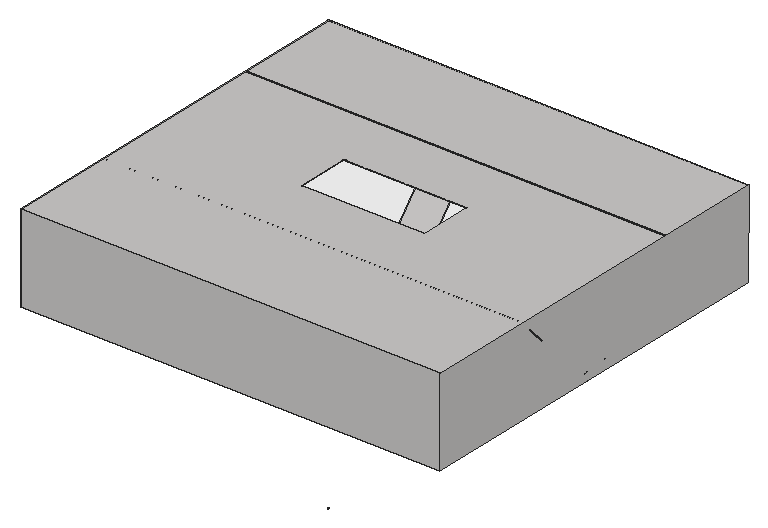
Revit family "QF_ELECTROLUXPROFESSIONAL_642044_EC2224T", category Specialty Equipment, Revit 2014
Reference planes
  plane 1: z = 0
  plane 2 "Center (Left/Right)": x = 150
  plane 3 "LEFT": x = -1050
  plane 4 "RIGHT": x = 1350
  plane 5 "BACK": y = 550
  plane 6 "TOP": z = 2500
  plane 7 "Base": z = 2000
  plane 8: z = 1946
  plane 9: x = -1047
  plane 10 "DrainX": x = 1199
  plane 11 "AOLeft2": x = 500
  plane 12: x = 1347
  plane 13: x = -850
  plane 14: x = 1150
  plane 15: x = 50
  plane 16: x = 250
  plane 17 "AOLeft1": x = -200
  plane 18: y = -400
  plane 19: through (0, -127.846, 2402.468) normal (0, -0.753, 0.6581)
  plane 20: through (0, -972.152, 2402.468) normal (0, -0.753, -0.6581)
  plane 21: y = -700
  plane 22 "Center (Front/Back)": y = -550
  plane 23: y = -1650
Forms (mm)
  Extrusion 1, solid, material "QF_Finishes_Stainless Steel"
    sketch origin (-1050, 0, 360) x (0, 1, 0) y (0, 0, 1)
      loop
        line (550, 1640) -> (550, 2140) -> (-1650, 2140) -> (-1650, 1640) -> (550, 1640)
    from 0 to 3
  Extrusion 2, solid, material "QF_Finishes_Stainless Steel"
    sketch origin (1350, 0, 360) x (0, 1, 0) y (0, 0, 1)
      loop
        line (550, 1640) -> (550, 2140) -> (-1650, 2140) -> (-1650, 1640) -> (550, 1640)
    from 0 to -3
  Extrusion 3, solid, material "QF_Finishes_Stainless Steel"
    sketch origin (150, 0, 360) x (0, 1, 0) y (0, 0, 1)
      loop
        line (-1650, 2140) -> (-1650, 1640) -> (-1640, 1640) -> (-1640, 1640.8) -> (-1649.2, 1640.8) -> (-1649.2, 2139.19) -> (549.2, 2139.19) -> (549.2, 1640.8) -> (540, 1640.8) -> (540, 1640) -> (550, 1640) -> (550, 2140) -> (-1650, 2140)
    from -1200 to 1200
  Extrusion 4, void
    sketch origin (0, 0, 2500) x (0, 1, 0) y (-1, 0, 0)
      loop
        line (-400, -500) -> (-400, 200) -> (-700, 200) -> (-700, -500) -> (-400, -500)
    from 0 to -10
  Extrusion 5, solid, material "QF_Finishes_Stainless Steel"
    sketch origin (0, 0, 0) x (1, 0, 0) y (0, 1, 0)
      loop
        line (-1050, 550) -> (-1050, 549) -> (-1049, 549) -> (-1049, 550) -> (-1050, 550)
    from 0 to 1
  Extrusion 6, solid, material "QF_Finishes_Stainless Steel"
    sketch origin (150, -400, 360) x (0, 1, 0) y (0, 0, 1)
      loop
        line (-79.471, 1685.734) -> (-56.882, 1665.992) -> (272.154, 2042.468) -> (249.566, 2062.21) -> (-79.471, 1685.734)
      loop
        line (-572.152, 2042.468) -> (-243.115, 1665.992) -> (-220.526, 1685.734) -> (-549.563, 2062.21) -> (-572.152, 2042.468)
    from -1000 to -1197
  Extrusion 7, solid, material "QF_Finishes_Stainless Steel"
    sketch origin (150, -400, 360) x (0, 1, 0) y (0, 0, 1)
      loop
        line (360.354, 2141.454) -> (357.903, 2143.511) -> (264.331, 2031.996) -> (266.169, 2030.453) -> (357.41, 2139.19) -> (358.454, 2139.19) -> (360.354, 2141.454)
      loop
        line (-560.354, 2022.279) -> (-557.903, 2024.336) -> (-564.331, 2031.996) -> (-566.169, 2030.453) -> (-657.41, 2139.19) -> (-658.454, 2139.19) -> (-560.354, 2022.279)
      loop
        arc (-83.944, 1704.554) -> (-84.545, 1704.706) -> (-85.077, 1704.389) r 0.81
        line (-85.077, 1704.389) -> (-99.535, 1684.991) -> (-116.611, 1687.002) -> (-113.609, 1712.615) -> (-114.407, 1712.708) -> (-117.406, 1687.095)
        arc (-117.406, 1687.095) -> (-117.237, 1686.499) -> (-116.695, 1686.197) r 0.81
        line (-116.695, 1686.197) -> (-99.628, 1684.196)
        arc (-99.628, 1684.196) -> (-99.213, 1684.257) -> (-98.884, 1684.517) r 0.81
        line (-98.884, 1684.517) -> (-84.436, 1703.911) -> (-73.692, 1695.919) -> (-99.855, 1660.79) -> (-200.145, 1660.79) -> (-226.308, 1695.919) -> (-215.564, 1703.911) -> (-201.116, 1684.517)
        arc (-201.116, 1684.517) -> (-200.787, 1684.257) -> (-200.372, 1684.196) r 0.81
        line (-200.372, 1684.196) -> (-183.305, 1686.197)
        arc (-183.305, 1686.197) -> (-182.763, 1686.499) -> (-182.594, 1687.095) r 0.81
        line (-182.594, 1687.095) -> (-185.593, 1712.708) -> (-186.391, 1712.615) -> (-183.389, 1687.002) -> (-200.465, 1684.991) -> (-214.923, 1704.389)
        arc (-214.923, 1704.389) -> (-215.455, 1704.706) -> (-216.056, 1704.554) r 0.81
        line (-216.056, 1704.554) -> (-226.786, 1696.561)
        arc (-226.786, 1696.561) -> (-227.103, 1696.028) -> (-226.951, 1695.427) r 0.81
        line (-226.951, 1695.427) -> (-200.843, 1660.381)
        arc (-200.843, 1660.381) -> (-200.5, 1660.093) -> (-200.063, 1659.99) r 0.972
        line (-200.063, 1659.99) -> (-99.951, 1659.99)
        arc (-99.951, 1659.99) -> (-99.502, 1660.096) -> (-99.149, 1660.393) r 1
        line (-99.149, 1660.393) -> (-73.049, 1695.427)
        arc (-73.049, 1695.427) -> (-72.897, 1696.028) -> (-73.214, 1696.561) r 0.81
        line (-73.214, 1696.561) -> (-83.944, 1704.554)
    from -1197 to 1197
  Extrusion 8, solid, material "QF_Finishes_Stainless Steel"
    sketch origin (150, -400, 360) x (0, 1, 0) y (0, 0, 1)
      loop
        line (272.154, 2042.468) -> (249.566, 2062.21) -> (-79.471, 1685.734) -> (-56.882, 1665.992) -> (272.154, 2042.468)
      loop
        line (-572.154, 2042.468) -> (-243.118, 1665.992) -> (-220.529, 1685.734) -> (-549.566, 2062.21) -> (-572.154, 2042.468)
    from 1197 to 1000
  Extrusion 9, solid, material "QF_Finishes_Stainless Steel"
    sketch origin (150, -400, 360) x (0, 1, 0) y (0, 0, 1)
      loop
        line (272.154, 2042.468) -> (249.566, 2062.21) -> (-79.471, 1685.734) -> (-56.882, 1665.992) -> (272.154, 2042.468)
      loop
        line (-572.154, 2042.468) -> (-243.118, 1665.992) -> (-220.529, 1685.734) -> (-549.566, 2062.21) -> (-572.154, 2042.468)
    from -100 to 100
  Extrusion 10, solid, material "QF_Finished_Chrome"
    sketch origin (150, -400, 360) x (0, 1, 0) y (0, 0, 1)
      loop
        line (249.566, 2062.21) -> (-79.471, 1685.734) -> (-56.882, 1665.992) -> (272.154, 2042.468) -> (249.566, 2062.21)
      loop
        line (-549.566, 2062.21) -> (-572.154, 2042.468) -> (-243.118, 1665.992) -> (-220.529, 1685.734) -> (-549.566, 2062.21)
    from -1000 to -100
  Extrusion 11, solid, material "QF_Finished_Chrome"
    sketch origin (150, -400, 360) x (0, 1, 0) y (0, 0, 1)
      loop
        line (272.154, 2042.468) -> (249.566, 2062.21) -> (-79.471, 1685.734) -> (-56.882, 1665.992) -> (272.154, 2042.468)
      loop
        line (-572.154, 2042.468) -> (-243.118, 1665.992) -> (-220.529, 1685.734) -> (-549.566, 2062.21) -> (-572.154, 2042.468)
    from 100 to 1000
  Sweep 12, solid, material "QF_Finishes_Stainless Steel"
    path origin (0, 0, 0) x (1, 0, 0) y (0, 1, 0)
      loop
        line (1350, 550) -> (-1050, 550) -> (-1050, -1650) -> (1350, -1650) -> (1350, 550)
    profile origin (1350, -550, 0) x (1, 0, 0) y (0, 0, 1)
      loop
        line (-3, 2000) -> (-3, 2000.8) -> (-19, 2000.8) -> (-19, 2010) -> (-20, 2010) -> (-20, 2000) -> (-3, 2000)
  Extrusion 13, solid, material "QF_Finishes_Stainless Steel"
    sketch origin (1199, 0, 0) x (0, 1, 0) y (0, 0, 1)
      loop
        arc (-518.5, 1946) -> (-511.429, 1948.929) -> (-508.5, 1956) r 10
        line (-508.5, 1956) -> (-508.5, 2000.8) -> (-591.5, 2000.8) -> (-591.5, 1956)
        arc (-591.5, 1956) -> (-588.571, 1948.929) -> (-581.5, 1946) r 10
        line (-581.5, 1946) -> (-518.5, 1946)
    from -90 to 90
  Extrusion 14, solid, material "QF_Finishes_Stainless Steel"
    sketch origin (0, -1100, 2000) x (0, 1, 0) y (-1, 0, 0)
      loop
        circle (550, -1199) r 6.35
    from -3.799 to 0
Cuts and joins
  Extrusion 4 cuts Extrusion 3
  joined: Extrusion 2, Extrusion 3, Sweep 12
Lines and regions (mm)
  symbolic lines, style "SpecialityEquipment", detail levels coarse
    curve 1: line (1350, 550, 2500) -> (-1050, 550, 2500)
    curve 2: line (-1050, 550, 2500) -> (-1050, -1640, 2500)
    curve 3: line (1350, -1650, 2500) -> (1350, 550, 2500)
    curve 4: line (-1050, 550, 0) -> (1350, -1650, 0)
    curve 5: line (1350, 550, 0) -> (-1047, -1650, 0)
  symbolic lines, detail levels coarse
    curve 6: line (-1047, -1650, 0) -> (1350, -1650, 0)
    curve 7: line (-200, -700, 0) -> (500, -700, 0)
    curve 8: line (-200, -400, 0) -> (-200, -700, 0)
    curve 9: line (500, -400, 0) -> (-200, -400, 0)
    curve 10: line (500, -700, 0) -> (500, -400, 0)
Dimensions and locks
  plane 3 "LEFT" to plane 4 "RIGHT" = 2400 mm
  equal spacing: plane 3 "LEFT", plane 2 "Center (Left/Right)", plane 4 "RIGHT"
  plane 3 "LEFT" to plane 9 = 3 mm
  plane 10 "DrainX" to plane 4 "RIGHT" = 151 mm
  plane 12 to plane 4 "RIGHT" = 3 mm
  plane 3 "LEFT" to plane 13 = 200 mm
  plane 14 to plane 4 "RIGHT" = 200 mm
  locked: plane 7 "Base" to level at 2000
  locked: plane 15 to plane 16 at 200
  equal spacing: plane 15, plane 2 "Center (Left/Right)", plane 16
  locked: plane 17 "AOLeft1" to plane 11 "AOLeft2" at 700
  plane 7 "Base" to plane 8 = 54 mm
  locked: plane 6 "TOP" to plane 7 "Base" at 500
  plane 5 "BACK" to plane 23 = 2200 mm  (x2)
  equal spacing: plane 5 "BACK", plane 22 "Center (Front/Back)", plane 23
  plane 21 to plane 18 = 300 mm
  equal spacing: plane 21, plane 22 "Center (Front/Back)", plane 18
  equal spacing: plane 17 "AOLeft1", plane 2 "Center (Left/Right)", plane 11 "AOLeft2"
  aligned and locked: level to plane 1
  aligned and locked: plane 4 "RIGHT" to Extrusion 3
  aligned and locked: Extrusion 3 to plane 3 "LEFT"
  aligned and locked: Extrusion 6 to plane 9
  aligned and locked: plane 13 to Extrusion 6
  aligned and locked: Extrusion 2 to plane 12
  aligned and locked: plane 12 to Extrusion 8
  aligned and locked: plane 14 to Extrusion 8
  aligned and locked: plane 16 to Extrusion 9
  aligned and locked: Extrusion 9 to plane 15
  aligned and locked: plane 15 to Extrusion 10
  aligned and locked: Extrusion 10 to plane 13
  aligned and locked: Extrusion 11 to plane 16
  aligned and locked: Extrusion 11 to plane 14
  aligned and locked: Extrusion 7 to plane 9
  aligned and locked: Extrusion 7 to plane 12
  aligned and locked: Extrusion 4 to plane 17 "AOLeft1"
  aligned and locked: Extrusion 4 to plane 11 "AOLeft2"
  aligned and locked: plane 21 to Extrusion 4
  aligned and locked: plane 18 to Extrusion 4
  aligned and locked: curve 7 to Extrusion 4
  aligned and locked: curve 8 to Extrusion 4
  aligned and locked: curve 9 to Extrusion 4
  aligned and locked: curve 10 to Extrusion 4
Automatic sketch dimensions
  Extrusion 1 sketch curve to plane 7 "Base" = 0 mm
  Extrusion 1 sketch curve to plane 5 "BACK" = 0 mm
  Extrusion 1 sketch curve to plane 6 "TOP" = 0 mm
  Extrusion 2 sketch curve to plane 7 "Base" = 0 mm
  Extrusion 2 sketch curve to plane 5 "BACK" = 0 mm
  Extrusion 2 sketch curve to plane 6 "TOP" = 0 mm
  Extrusion 3 sketch curve to plane 6 "TOP" = 0 mm
  Extrusion 3 sketch curve to plane 7 "Base" = 0 mm  (x2)
  Extrusion 3 sketch curve to plane 5 "BACK" = 0 mm
  Extrusion 3 sketch curve to Extrusion 3 sketch curve = 9.2 mm
  plane 7 "Base" to Extrusion 3 sketch curve = 0.8 mm  (x2)
  Extrusion 3 sketch curve to plane 5 "BACK" = 10 mm
  Extrusion 3 sketch curve to plane 5 "BACK" = 0.8 mm
  Extrusion 3 sketch curve to plane 6 "TOP" = 0.81 mm
  Extrusion 4 sketch curve to plane 11 "AOLeft2" = 0 mm
  Extrusion 4 sketch curve to plane 17 "AOLeft1" = 0 mm
  Extrusion 5 sketch curve to plane 3 "LEFT" = 0 mm
  Extrusion 5 sketch curve to plane 5 "BACK" = 0 mm
  plane 3 "LEFT" to Extrusion 5 sketch curve = 1 mm
  Extrusion 5 sketch curve to Extrusion 5 sketch curve = 1 mm
  Sweep 12 sketch curve to plane 3 "LEFT" = 0 mm
  Sweep 12 sketch curve to plane 4 "RIGHT" = 0 mm
  Sweep 12 sketch curve to plane 5 "BACK" = 0 mm
  profile plane to Sweep 12 sketch curve = 20 mm
  Sweep 12 sketch curve to Sweep 12 sketch curve = 1 mm
  profile plane to Sweep 12 sketch curve = 3 mm
  level to Sweep 12 sketch curve = 2000 mm
  Sweep 12 sketch curve to Sweep 12 sketch curve = 0.8 mm
  Sweep 12 sketch curve to Sweep 12 sketch curve = 9.2 mm
  Extrusion 3 sketch curve to Extrusion 3 sketch curve = 0.8 mm
  Extrusion 6 sketch curve to plane 19 = 0 mm  (x2)
  Extrusion 6 sketch curve to plane 6 "TOP" = 77.79 mm  (x2)
  plane 7 "Base" to Extrusion 6 sketch curve = 25.992 mm  (x2)
  plane 7 "Base" to Extrusion 6 sketch curve = 45.734 mm
  Extrusion 6 sketch curve to plane 20 = 0 mm
  plane 20 to Extrusion 6 sketch curve = 0 mm
  Extrusion 10 sketch curve to plane 19 = 0 mm  (x2)
  Extrusion 10 sketch curve to plane 6 "TOP" = 77.79 mm  (x2)
  Extrusion 10 sketch curve to Extrusion 10 sketch curve = 22.589 mm
  plane 7 "Base" to Extrusion 10 sketch curve = 25.992 mm  (x2)
  Extrusion 9 sketch curve to plane 19 = 0 mm  (x2)
  Extrusion 9 sketch curve to plane 6 "TOP" = 77.79 mm  (x2)
  Extrusion 9 sketch curve to Extrusion 9 sketch curve = 22.589 mm
  plane 7 "Base" to Extrusion 9 sketch curve = 25.992 mm  (x2)
  Extrusion 11 sketch curve to plane 19 = 0 mm  (x2)
  Extrusion 11 sketch curve to plane 6 "TOP" = 77.79 mm  (x2)
  Extrusion 11 sketch curve to Extrusion 11 sketch curve = 22.589 mm
  plane 7 "Base" to Extrusion 11 sketch curve = 25.992 mm  (x2)
  Extrusion 8 sketch curve to plane 19 = 0 mm  (x2)
  Extrusion 8 sketch curve to plane 6 "TOP" = 77.79 mm  (x2)
  Extrusion 8 sketch curve to Extrusion 8 sketch curve = 22.589 mm
  plane 7 "Base" to Extrusion 8 sketch curve = 25.992 mm  (x2)
  plane 7 "Base" to Extrusion 8 sketch curve = 45.734 mm
  plane 7 "Base" to Extrusion 9 sketch curve = 45.734 mm
  plane 7 "Base" to Extrusion 10 sketch curve = 45.734 mm
  plane 7 "Base" to Extrusion 11 sketch curve = 45.734 mm
  plane 21 to Extrusion 1 sketch curve = 950 mm
  plane 21 to Extrusion 2 sketch curve = 950 mm
  plane 21 to Extrusion 3 sketch curve = 940 mm
  plane 21 to Sweep 12 sketch curve = 950 mm
  plane 21 to Extrusion 4 sketch curve = 0 mm
  Extrusion 4 sketch curve to plane 18 = 0 mm
  plane 21 to Extrusion 6 sketch curve = 249.563 mm
  Extrusion 8 sketch curve to plane 21 = 79.471 mm
  plane 21 to Extrusion 8 sketch curve = 249.566 mm
  Extrusion 9 sketch curve to plane 21 = 79.471 mm
  plane 21 to Extrusion 9 sketch curve = 249.566 mm
  Extrusion 10 sketch curve to plane 21 = 79.471 mm
  plane 21 to Extrusion 10 sketch curve = 249.566 mm
  Extrusion 11 sketch curve to plane 21 = 79.471 mm
  plane 21 to Extrusion 11 sketch curve = 249.566 mm
  Extrusion 14 sketch curve to plane 10 "DrainX" = 0 mm
  Extrusion 14 sketch curve to plane 22 "Center (Front/Back)" = 0 mm
  Extrusion 13 sketch curve to plane 8 = 0 mm
  plane 8 to Extrusion 13 sketch curve = 10 mm
  Extrusion 13 sketch curve to plane 22 "Center (Front/Back)" = 41.5 mm
  plane 22 "Center (Front/Back)" to Extrusion 13 sketch curve = 31.5 mm
  plane 7 "Base" to Extrusion 13 sketch curve = 0.8 mm
  plane 22 "Center (Front/Back)" to Extrusion 13 sketch curve = 41.5 mm
  Extrusion 7 sketch curve to plane 6 "TOP" = 0.81 mm  (x2)
  plane 21 to Extrusion 7 sketch curve = 358.454 mm
  Extrusion 7 sketch curve to Extrusion 7 sketch curve = 1.044 mm  (x2)
  Extrusion 7 sketch curve to plane 6 "TOP" = 109.547 mm  (x2)
  Extrusion 7 sketch curve to Extrusion 7 sketch curve = 91.241 mm
  Extrusion 7 sketch curve to plane 6 "TOP" = 108.004 mm  (x2)
  Extrusion 7 sketch curve to plane 6 "TOP" = 117.721 mm
  Extrusion 7 sketch curve to plane 21 = 73.049 mm
  Extrusion 7 sketch curve to Extrusion 7 sketch curve = 0.166 mm
  Extrusion 7 sketch curve to Extrusion 7 sketch curve = 0.478 mm  (x4)
  Extrusion 7 sketch curve to Extrusion 7 sketch curve = 0.006 mm  (x4)
  Extrusion 7 sketch curve to Extrusion 7 sketch curve = 10.73 mm  (x2)
  Extrusion 7 sketch curve to Extrusion 7 sketch curve = 0.484 mm  (x4)
  Extrusion 7 sketch curve to Extrusion 7 sketch curve = 0.008 mm  (x4)
  Extrusion 7 sketch curve to Extrusion 7 sketch curve = 0.641 mm  (x2)
  Extrusion 7 sketch curve to Extrusion 7 sketch curve = 14.448 mm
  plane 7 "Base" to Extrusion 7 sketch curve = 20.381 mm
  Extrusion 7 sketch curve to Extrusion 7 sketch curve = 0.273 mm
  Extrusion 7 sketch curve to Extrusion 7 sketch curve = 0.65 mm  (x2)
  Extrusion 7 sketch curve to Extrusion 7 sketch curve = 0.001 mm  (x4)
  Extrusion 7 sketch curve to Extrusion 7 sketch curve = 0.093 mm  (x2)
  plane 7 "Base" to Extrusion 7 sketch curve = 20.79 mm
  Extrusion 7 sketch curve to Extrusion 7 sketch curve = 0.698 mm
  Extrusion 7 sketch curve to Extrusion 7 sketch curve = 0.081 mm
  Extrusion 7 sketch curve to Extrusion 7 sketch curve = 28.531 mm
  Extrusion 7 sketch curve to Extrusion 7 sketch curve = 0.799 mm  (x2)
  Extrusion 7 sketch curve to Extrusion 7 sketch curve = 17.067 mm  (x2)
  Extrusion 7 sketch curve to Extrusion 7 sketch curve = 0.01 mm  (x4)
  Extrusion 7 sketch curve to Extrusion 7 sketch curve = 0.094 mm
  Extrusion 7 sketch curve to Extrusion 7 sketch curve = 0.795 mm  (x2)
  plane 22 "Center (Front/Back)" to Extrusion 7 sketch curve = 32.594 mm
  Extrusion 7 sketch curve to Extrusion 7 sketch curve = 0.71 mm
  Extrusion 7 sketch curve to Extrusion 7 sketch curve = 2.998 mm
  Extrusion 7 sketch curve to Extrusion 7 sketch curve = 16.745 mm
  Extrusion 7 sketch curve to Extrusion 7 sketch curve = 0.095 mm
  plane 7 "Base" to Extrusion 7 sketch curve = 20.393 mm
  Extrusion 7 sketch curve to Extrusion 7 sketch curve = 0.707 mm
  Extrusion 7 sketch curve to Extrusion 7 sketch curve = 0.651 mm
  Extrusion 7 sketch curve to Extrusion 7 sketch curve = 14.456 mm
  plane 18 to Extrusion 7 sketch curve = 264.331 mm
  plane 6 "TOP" to Extrusion 7 sketch curve = 3.511 mm
  Extrusion 7 sketch curve to Extrusion 7 sketch curve = 0.8 mm
  Extrusion 7 sketch curve to Extrusion 7 sketch curve = 23.206 mm
  Extrusion 7 sketch curve to Extrusion 7 sketch curve = 23.234 mm
  Extrusion 7 sketch curve to Extrusion 7 sketch curve = 0.321 mm  (x2)
  Extrusion 7 sketch curve to Extrusion 7 sketch curve = 2.001 mm  (x2)
  Extrusion 7 sketch curve to Extrusion 7 sketch curve = 0.804 mm  (x2)
  Extrusion 7 sketch curve to Extrusion 7 sketch curve = 10.911 mm  (x2)
  Extrusion 7 sketch curve to Extrusion 7 sketch curve = 7.993 mm  (x2)
  Extrusion 7 sketch curve to Extrusion 7 sketch curve = 25.613 mm  (x2)
  Extrusion 7 sketch curve to Extrusion 7 sketch curve = 1.839 mm
  curve 4 to plane 3 "LEFT" = 0 mm
  curve 6 to plane 9 = 0 mm
  curve 6 to plane 4 "RIGHT" = 0 mm
  curve 5 to plane 4 "RIGHT" = 0 mm
  curve 4 to plane 23 = 0 mm
  curve 4 to plane 5 "BACK" = 0 mm
  curve 5 to plane 5 "BACK" = 0 mm
  curve 3 to plane 4 "RIGHT" = 0 mm
  curve 3 to plane 23 = 0 mm
  curve 2 to plane 3 "LEFT" = 0 mm
  curve 2 to plane 5 "BACK" = 0 mm
  plane 23 to curve 2 = 10 mm
  radius of Extrusion 14 sketch curve = 6.35 mm
Connectors
  hvac at (150, -550, 2500)
    settings: on Extrusion 4, index 2, duct flow 0.0 L/s, flow factor 0, pres drop 0.0 Pa, loss coef 0, conn angle 0.00°, conn width 300 mm, conn height 700 mm, conn diameter 609.6 mm, duct sys type 3, conn prof type 1, flow config 1, flow direction 2, loss method 0, conn ref index -1, conn util no, is conn primary yes, conn desc "EXHAUST OUTLET"
  piping at (1199, -550, 1996.201), diameter 12.7
    settings: on Extrusion 14, index 4, connector inside diameter 609.6 mm, connector length 0 mm, flow factor 0, pipe flow 0.0 L/s, pressure drop 0.0 Pa, fitting loss kfactor 0, connector angle 0.00°, fixture units 0, engagement length 0 mm, angle of deflection 0.00°, flow configuration 1, flow direction 2, fitting loss method 0, system type 16, joint type 0, gender type 0, connector reference index -1, connector utility 0, adjustable connector no, is connector primary yes, connector description "Drain"
